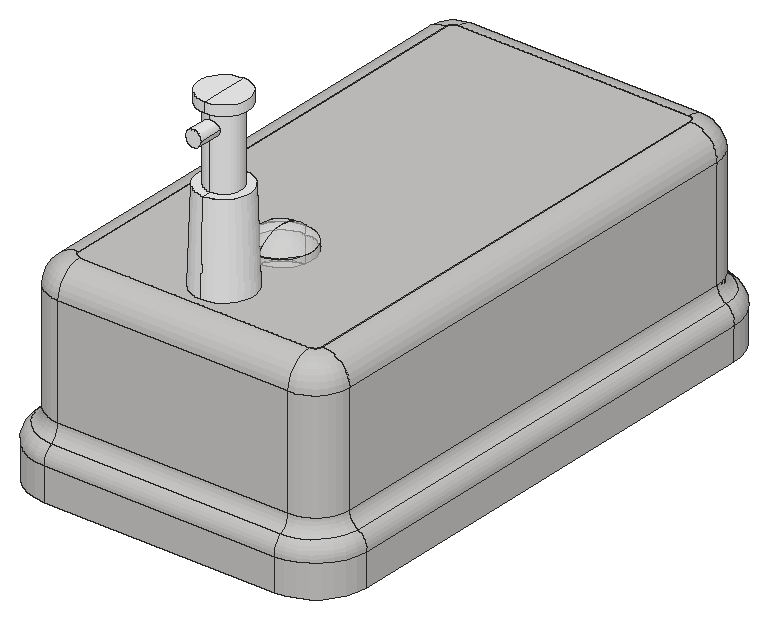
Revit family "Soap_Dispenser-Bradley_Corp-6562", category Specialty Equipment, host Face, Revit 2012
Parameters (values of type "6562")
  Width = 4.875"
  Warranty Information = "Complete Unit 1 Year Warranty. This Warranty does not cover installation or any other labor charges and does not apply to any units which have been damaged by abuse, improper installation, imporper maintanence, or altered in any way."
  Version = "2.0"
  Valve Material = Metal - Bradley Corp - Chrome
  Unit Material = Metal - Bradley Corp - Stainless Steel - Satin
  URL = "http://www.bradleycorp.com/"
  Type Comments = ""
  Technical Data = "n/a"
  Specifications URL = "http://www.bradleycorp.com/3partspec"
  Product Tech Data URL - Spanish = "http://bradleycorp.com/download/384/8690es.pdf"
  Product Tech Data URL - French = "http://bradleycorp.com/download/385/8690fr.pdf"
  Product Tech Data URL - English = "http://bradleycorp.com/download/383/8690.pdf"
  Percentage of Recycled Content = 0
  OmniClass Table 23 Title = "Hand Soap Dispensers"
  OmniClass Table 23 Number = "23.31.25.29.13"
  OmniClass Table 21 Title = "Toilet, Bath, and Laundry Accessories"
  OmniClass Table 21 Number = "21-03 10 90 40"
  Modeling Code = "n/a"
  Model = "6562"
  Material Note = "n/a"
  Material = "Stainless Steel"
  MasterFormat Title = "Toilet, Bath, and Laundry Accessories"
  MasterFormat Number = "10 28 00"
  Manufacturer = "Bradley Corporation"
  Low Emitting Material = no
  LEED Credit = ""
  Installation Type = "Wall Mounted"
  Industry Standards = "n/a"
  Height = 8.250"
  Fire Rating = "n/a"
  Description = "Soap Dispenser"
  Depth = 2.938"
  Default Elevation = 40.000"
  Copyright = "This Model is Property of Bradley Corporation"
  Complies to NAFTA = "n/a"
  Buy American Act = "To Be Determined"
  Assembly Code = "C1030200"
  ADA Compliant = "Yes"
Reference planes (in)
  plane 1 "Center (Front/Back)": y = 0
  plane 2: z = 0
  plane 3 "Center (Left/Right)": x = 0
  plane 4 "Top": y = 7.07
  plane 5 "Bottom": y = -1.18
  plane 6 "Left": x = -2.4375
  plane 7 "Right": x = 2.4375
  plane 8 "Front": z = 2.938
Forms (in)
  Extrusion 1, solid, material "Metal - Bradley Corp - Stainless Steel - Satin" <- "Unit Material", detail levels fine
    sketch origin (0, 0, 0) x (1, 0, 0) y (0, 1, 0)
      loop
        arc (-1.6875, 6.82) -> (-2.0410534, 6.6735534) -> (-2.1875, 6.32) r 0.5
        line (-2.1875, 6.32) -> (-2.1875, -0.43)
        arc (-2.1875, -0.43) -> (-2.0410534, -0.7835534) -> (-1.6875, -0.93) r 0.5
        line (-1.6875, -0.93) -> (1.6875, -0.93)
        arc (1.6875, -0.93) -> (2.0410534, -0.7835534) -> (2.1875, -0.43) r 0.5
        line (2.1875, -0.43) -> (2.1875, 6.32)
        arc (2.1875, 6.32) -> (2.0410534, 6.6735534) -> (1.6875, 6.82) r 0.5
        line (1.6875, 6.82) -> (-1.6875, 6.82)
    from 0 to 2.538
  Sweep 2, solid, material "Metal - Bradley Corp - Stainless Steel - Satin" <- "Unit Material", detail levels fine
    path origin (0, 0, 2.938) x (-1, 0, 0) y (0, -1, 0)
      loop
        line (2.1875, -6.32) -> (2.1875, 0.43)
        arc (2.1875, 0.43) -> (2.0410534, 0.7835534) -> (1.6875, 0.93) r 0.5
        line (1.6875, 0.93) -> (-1.6875, 0.93)
        arc (-1.6875, 0.93) -> (-2.0410534, 0.7835534) -> (-2.1875, 0.43) r 0.5
        line (-2.1875, 0.43) -> (-2.1875, -6.32)
        arc (-2.1875, -6.32) -> (-2.0410534, -6.6735534) -> (-1.6875, -6.82) r 0.5
        line (-1.6875, -6.82) -> (1.6875, -6.82)
        arc (1.6875, -6.82) -> (2.0410534, -6.6735534) -> (2.1875, -6.32) r 0.5
    profile origin (-2.1875, 2.945, 2.938) x (1, 0, 0) y (0, 0, 1)
      loop
        line (0.4, -0.4) -> (0.4, 0)
        arc (0.4, 0) -> (0.1171573, -0.1171573) -> (0, -0.4) r 0.4
        line (0, -0.4) -> (0.4, -0.4)
  Extrusion 3, solid, material "Metal - Bradley Corp - Stainless Steel - Satin" <- "Unit Material", detail levels fine
    sketch origin (0, 0, 2.938) x (-1, 0, 0) y (0, -1, 0)
      loop
        arc (1.6875, -6.42) -> (1.7582107, -6.3907107) -> (1.7875, -6.32) r 0.1
        line (1.7875, -6.32) -> (1.7875, 0.43)
        arc (1.7875, 0.43) -> (1.7582107, 0.5007107) -> (1.6875, 0.53) r 0.1
        line (1.6875, 0.53) -> (-1.6875, 0.53)
        arc (-1.6875, 0.53) -> (-1.7582107, 0.5007107) -> (-1.7875, 0.43) r 0.1
        line (-1.7875, 0.43) -> (-1.7875, -6.32)
        arc (-1.7875, -6.32) -> (-1.7582107, -6.3907107) -> (-1.6875, -6.42) r 0.1
        line (-1.6875, -6.42) -> (1.6875, -6.42)
    from -0.4 to 0
  Sweep 4, solid, material "Metal - Bradley Corp - Stainless Steel - Satin" <- "Unit Material", detail levels fine
    path origin (0, 0, 0) x (1, 0, 0) y (0, 1, 0)
      loop
        line (-2.1875, 6.32) -> (-2.1875, -0.43)
        arc (-2.1875, -0.43) -> (-2.0410534, -0.7835534) -> (-1.6875, -0.93) r 0.5
        line (-1.6875, -0.93) -> (1.6875, -0.93)
        arc (1.6875, -0.93) -> (2.0410534, -0.7835534) -> (2.1875, -0.43) r 0.5
        line (2.1875, -0.43) -> (2.1875, 6.32)
        arc (2.1875, 6.32) -> (2.0410534, 6.6735534) -> (1.6875, 6.82) r 0.5
        line (1.6875, 6.82) -> (-1.6875, 6.82)
        arc (-1.6875, 6.82) -> (-2.0410534, 6.6735534) -> (-2.1875, 6.32) r 0.5
    profile origin (-2.1875, 2.945, 0) x (1, 0, 0) y (0, 0, 1)
      loop
        line (0, 0) -> (0, 0.9375)
        arc (0, 0.9375) -> (-0.0334936, 0.8125) -> (-0.125, 0.7209936) r 0.25
        arc (-0.125, 0.7209936) -> (-0.2239004, 0.6167304) -> (-0.25, 0.4754118) r 0.2528146
        line (-0.25, 0.4754118) -> (-0.25, 0) -> (0, 0)
  Revolve 5, solid, material "Metal - Bradley Corp - Chrome" <- "Valve Material", detail levels fine
    sketch origin (0, 0, 0) x (0, 1, 0) y (0, 0, 1)
      loop
        line (0, 2.938) -> (0, 5.5) -> (-0.3575, 5.5) -> (-0.3575, 5.355) -> (-0.25, 5.355) -> (-0.25, 4.2692704) -> (-0.382621, 4.2692704) -> (-0.43, 2.938) -> (0, 2.938)
      axis (0, 5.5) -> (0, 2.938)
    angle from 0 to 360
  Revolve 6, solid, material "Plastic - Bradley Corp - Transparent", detail levels fine
    sketch origin (0, 0, 0) x (0, 1, 0) y (0, 0, 1)
      loop
        arc (1.0660802, 3.2625) -> (0.8220442, 3.2031358) -> (0.6210802, 3.0525) r 0.625
        line (0.6210802, 3.0525) -> (0.6210802, 2.538) -> (1.0660802, 2.538) -> (1.0660802, 3.2625)
      axis (1.0660802, 2.538) -> (1.0660802, 3.2625)
    angle from 0 to 360
  Extrusion 7, solid, material "Metal - Bradley Corp - Chrome" <- "Valve Material", detail levels fine
    sketch origin (0, 0, 0) x (1, 0, 0) y (0, 0, 1)
      loop
        circle (0, 5.105) r 0.115
    from 0 to 0.555
  Extrusion 8, void
    sketch origin (0, 0, 0) x (1, 0, 0) y (0, 1, 0)
      loop
        circle (0, 1.0660802) r 0.445
    from 2.538 to 2.938
  Extrusion 9, solid, material "Metal - Bradley Corp - Chrome" <- "Valve Material", detail levels medium
    sketch origin (0, 0, 0) x (1, 0, 0) y (0, 1, 0)
      loop
        circle (0, 0) r 0.43
    from 2.938 to 5.5
  Blend 10, solid, material "Metal - Bradley Corp - Stainless Steel - Satin" <- "Unit Material", detail levels coarse+medium
    base sketch origin (0, 0, 2.938) x (-1, 0, 0) y (0, -1, 0)
      loop
        line (2.4375, -7.07) -> (2.4375, 1.18) -> (-2.4375, 1.18) -> (-2.4375, -7.07) -> (2.4375, -7.07)
    top sketch origin (0, 0, 2.938) x (-1, 0, 0) y (0, -1, 0)
      loop
        line (2.0410534, -6.6735534) -> (2.0410534, 0.7835534) -> (-2.0410534, 0.7835534) -> (-2.0410534, -6.6735534) -> (2.0410534, -6.6735534)
    from -2.938 to 0
Cuts and joins
  Extrusion 8 cuts Extrusion 1
  Extrusion 8 cuts Sweep 2
  joined: Extrusion 1, Sweep 2
  Extrusion 8 cuts Extrusion 3
  Extrusion 8 cuts Sweep 4
Lines and regions (in)
  Masking region 1
    outline origin (0, 0, 2.938) x (-1, 0, 0) y (0, -1, 0)
      loop
        arc (1.6875, -7.07) -> (2.2178301, -6.8503301) -> (2.4375, -6.32) r 0.75
        line (2.4375, -6.32) -> (2.4375, 0.43)
        arc (2.4375, 0.43) -> (2.2178301, 0.9603301) -> (1.6875, 1.18) r 0.75
        line (1.6875, 1.18) -> (-1.6875, 1.18)
        arc (-1.6875, 1.18) -> (-2.2178301, 0.9603301) -> (-2.4375, 0.43) r 0.75
        line (-2.4375, 0.43) -> (-2.4375, -6.32)
        arc (-2.4375, -6.32) -> (-2.2178301, -6.8503301) -> (-1.6875, -7.07) r 0.75
        line (-1.6875, -7.07) -> (1.6875, -7.07)
  Masking region 2
    outline origin (0, 0, 0) x (1, 0, 0) y (0, 0, 1)
      loop
        line (2.4375, 0) -> (2.0410534, 2.938) -> (-2.0410534, 2.938) -> (-2.4375, 0) -> (2.4375, 0)
  Masking region 3
    outline origin (0, 0, 0) x (0, 1, 0) y (0, 0, 1)
      loop
        line (-0.7835534, 2.938) -> (-1.18, 0) -> (7.07, 0) -> (6.6735534, 2.938) -> (-0.7835534, 2.938)
  model lines, detail levels medium
    curve 1: circle (0, 1.0660802, 2.938) r 0.445 normal (0, 0, 1)
  symbolic lines, detail levels medium+fine
    curve 2: circle (0, 1.0660802, 2.938) r 0.445 normal (0, 0, 1)
    curve 3: line (-0.115, -0.555, 2.938) -> (-0.115, -0.4143368, 2.938)
    curve 4: line (0.115, -0.555, 2.938) -> (0.115, -0.4143368, 2.938)
    curve 5: line (0.115, -0.555, 2.938) -> (-0.115, -0.555, 2.938)
    curve 6: arc (0.115, -0.4143368, 2.938) -> (0, 0.43, 2.938) -> (-0.115, -0.4143368, 2.938) r 0.43
    curve 7: line (0.43, 0, 2.938) -> (0.382621, 0, 4.2692704)
    curve 8: line (0.382621, 0, 4.2692704) -> (-0.382621, 0, 4.2692704)
    curve 9: line (-0.382621, 0, 4.2692704) -> (-0.43, 0, 2.938)
    curve 10: line (0, 0, 4.2692704) -> (0, 0, 5.5)
    curve 11: line (0.3575, 0, 5.5) -> (-0.3575, 0, 5.5)
    curve 12: line (0, -0.382621, 4.2692704) -> (0, 0.382621, 4.2692704)
    curve 13: line (0, -0.382621, 4.2692704) -> (0, -0.43, 2.938)
    curve 14: line (0, 0.382621, 4.2692704) -> (0, 0.43, 2.938)
    curve 15: line (0, 0, 4.2692704) -> (0, 0, 5.5)
    curve 16: line (0, -0.3575, 5.5) -> (0, 0.3575, 5.5)
Dimensions and locks (in)
  "Height": plane 4 "Top" to plane 5 "Bottom"
  equal spacing: plane 7 "Right", plane 3 "Center (Left/Right)", plane 6 "Left"
  "Width": plane 7 "Right" to plane 6 "Left"
  "Depth": plane 8 "Front" to plane 2
  plane 6 "Left" to Extrusion 1 sketch curve = 0.250"
  Extrusion 1 sketch curve to plane 7 "Right" = 0.250"
  Extrusion 1 sketch curve to plane 4 "Top" = 0.250"
  Extrusion 1 sketch curve to plane 5 "Bottom" = 0.250"
  locked: plane 8 "Front" to Extrusion 1 at 0.4
  plane 5 "Bottom" to plane 1 "Center (Front/Back)" = 1.180"
  aligned and locked: plane 2 to host face
  aligned and locked: level to host face
  aligned and locked: plane 8 "Front" to Extrusion 8
  aligned and locked: plane 6 "Left" to Blend 10 sketch curve
  aligned and locked: Blend 10 sketch curve to plane 4 "Top"
  aligned and locked: plane 5 "Bottom" to Blend 10 sketch curve
  aligned and locked: Blend 10 sketch curve to plane 7 "Right"
  aligned and locked: Blend 10 to plane 2
  aligned and locked: plane 8 "Front" to Blend 10
  aligned and locked: Masking region 1 sketch curve to cut or joined group of Sweep 4, Extrusion 8  (x4)
  aligned and locked: Masking region 3 sketch curve to Blend 10  (x4)
Automatic sketch dimensions
  host sketch curve to host sketch curve = 6.05994"
  host sketch curve to host sketch curve = 9.54995"
  Extrusion 1 sketch curve to Extrusion 1 sketch curve = 0.500"  (x4)
  Sweep 2 sketch curve to plane 7 "Right" = 0.250"
  Sweep 2 sketch curve to plane 4 "Top" = 0.250"
  Sweep 2 sketch curve to Sweep 2 sketch curve = 0.500"  (x2)
  Sweep 2 sketch curve to plane 5 "Bottom" = 0.250"
  plane 6 "Left" to Sweep 2 sketch curve = 0.750"  (x2)
  plane 6 "Left" to Sweep 2 sketch curve = 0.250"
  Sweep 2 sketch curve to profile plane = 0.000"
  Sweep 2 sketch curve to plane 8 "Front" = 0.000"
  Sweep 2 sketch curve to Sweep 2 sketch curve = 0.400"
  Extrusion 3 sketch curve to plane 7 "Right" = 0.650"
  Extrusion 3 sketch curve to Extrusion 3 sketch curve = 0.100"  (x3)
  plane 6 "Left" to Extrusion 3 sketch curve = 0.750"  (x2)
  Extrusion 3 sketch curve to plane 4 "Top" = 0.650"
  Extrusion 3 sketch curve to plane 5 "Bottom" = 0.750"
  plane 6 "Left" to Sweep 4 sketch curve = 0.250"
  Sweep 4 sketch curve to plane 5 "Bottom" = 0.250"
  Sweep 4 sketch curve to Sweep 4 sketch curve = 0.500"  (x2)
  Sweep 4 sketch curve to plane 7 "Right" = 0.750"  (x2)
  Sweep 4 sketch curve to plane 7 "Right" = 0.250"
  Sweep 4 sketch curve to plane 4 "Top" = 0.750"
  Sweep 4 sketch curve to profile plane = 0.000"
  Sweep 4 sketch curve to level = 0.000"
  profile plane to Sweep 4 sketch curve = 0.125"
  Sweep 4 sketch curve to Sweep 4 sketch curve = 0.000"
  Sweep 4 sketch curve to Sweep 4 sketch curve = 0.250"  (x2)
  Sweep 4 sketch curve to profile plane = 0.00141"
  level to Sweep 4 sketch curve = 0.47541"
  Revolve 5 sketch curve to plane 8 "Front" = 0.000"  (x2)
  Revolve 5 sketch curve to plane 1 "Center (Front/Back)" = 0.000"  (x2)
  plane 1 "Center (Front/Back)" to Revolve 5 sketch curve = 0.250"
  Revolve 5 sketch curve to Revolve 5 sketch curve = 0.1075"
  Revolve 5 sketch curve to Revolve 5 sketch curve = 0.13262"
  plane 1 "Center (Front/Back)" to Revolve 5 sketch curve = 0.430"
  plane 8 "Front" to Revolve 5 sketch curve = 1.33127"
  Revolve 5 sketch curve to Revolve 5 sketch curve = 1.08573"
  Revolve 5 sketch curve to Revolve 5 sketch curve = 0.145"
  Revolve 5 sketch curve to Revolve 5 sketch curve = 0.000"
  Revolve 6 sketch curve to plane 1 "Center (Front/Back)" = 0.62108"
  Revolve 6 sketch curve to Revolve 6 sketch curve = 0.445"
  Revolve 6 sketch curve to Revolve 6 sketch curve = 0.000"  (x3)
  Revolve 6 sketch curve to Revolve 6 sketch curve = 0.0227"
  Revolve 6 sketch curve to plane 8 "Front" = 0.400"
  Revolve 6 sketch curve to Revolve 6 sketch curve = 0.09991"
  plane 8 "Front" to Revolve 6 sketch curve = 0.1145"
  Extrusion 7 sketch curve to plane 7 "Right" = 2.4375"
  plane 8 "Front" to Extrusion 7 sketch curve = 2.167"
  Extrusion 8 sketch curve to plane 3 "Center (Left/Right)" = 0.000"
  Extrusion 8 sketch curve to plane 1 "Center (Front/Back)" = 1.06608"
  Extrusion 9 sketch curve to plane 1 "Center (Front/Back)" = 0.000"
  Extrusion 9 sketch curve to plane 3 "Center (Left/Right)" = 0.000"
  Blend 10 sketch curve to plane 7 "Right" = 0.39645"
  plane 6 "Left" to Blend 10 sketch curve = 0.39645"
  Blend 10 sketch curve to plane 4 "Top" = 0.39645"
  Blend 10 sketch curve to plane 5 "Bottom" = 0.39645"
  Masking region 1 sketch curve to plane 7 "Right" = 0.750"
  plane 6 "Left" to Masking region 1 sketch curve = 0.750"
  curve 1 to curve 2 = 0.000"  (x2)
  curve 1 to plane 3 "Center (Left/Right)" = 0.000"
  plane 1 "Center (Front/Back)" to curve 6 = 0.000"
  curve 6 to plane 3 "Center (Left/Right)" = 0.000"
  plane 3 "Center (Left/Right)" to curve 4 = 0.115"
  curve 3 to plane 3 "Center (Left/Right)" = 0.115"
  curve 1 to plane 1 "Center (Front/Back)" = 1.06608"
  plane 1 "Center (Front/Back)" to curve 3 = 0.41434"
  curve 4 to curve 4 = 0.14066"
  Masking region 2 sketch curve to plane 6 "Left" = 0.000"
  Masking region 2 sketch curve to plane 8 "Front" = 0.000"
  Masking region 2 sketch curve to level = 0.000"
  Masking region 2 sketch curve to plane 7 "Right" = 0.000"
  plane 6 "Left" to Masking region 2 sketch curve = 0.39645"
  Masking region 2 sketch curve to plane 7 "Right" = 0.39645"
  curve 9 to plane 8 "Front" = 0.000"
  curve 10 to plane 3 "Center (Left/Right)" = 0.000"
  curve 7 to plane 8 "Front" = 0.000"
  curve 11 to curve 10 = 0.3575"
  curve 8 to curve 10 = 0.38262"
  curve 9 to plane 3 "Center (Left/Right)" = 0.430"
  plane 3 "Center (Left/Right)" to curve 11 = 0.3575"
  plane 3 "Center (Left/Right)" to curve 7 = 0.38262"
  plane 3 "Center (Left/Right)" to curve 7 = 0.430"
  plane 8 "Front" to curve 8 = 1.33127"
  curve 7 to curve 11 = 1.23073"
  curve 13 to plane 8 "Front" = 0.000"
  curve 15 to plane 1 "Center (Front/Back)" = 0.000"
  curve 14 to plane 8 "Front" = 0.000"
  plane 1 "Center (Front/Back)" to curve 12 = 0.38262"
  plane 1 "Center (Front/Back)" to curve 13 = 0.430"
  curve 15 to curve 14 = 0.38262"
  curve 14 to plane 1 "Center (Front/Back)" = 0.430"
  plane 8 "Front" to curve 13 = 1.33127"
  curve 15 to curve 15 = 1.23073"
  plane 1 "Center (Front/Back)" to curve 16 = 0.3575"
  curve 15 to curve 16 = 0.3575"
  radius of Extrusion 7 sketch curve = 0.115"
  radius of Extrusion 8 sketch curve = 0.445"
  radius of Extrusion 9 sketch curve = 0.430"
  radius of curve 1 = 0.445"
  radius of curve 2 = 0.445"
